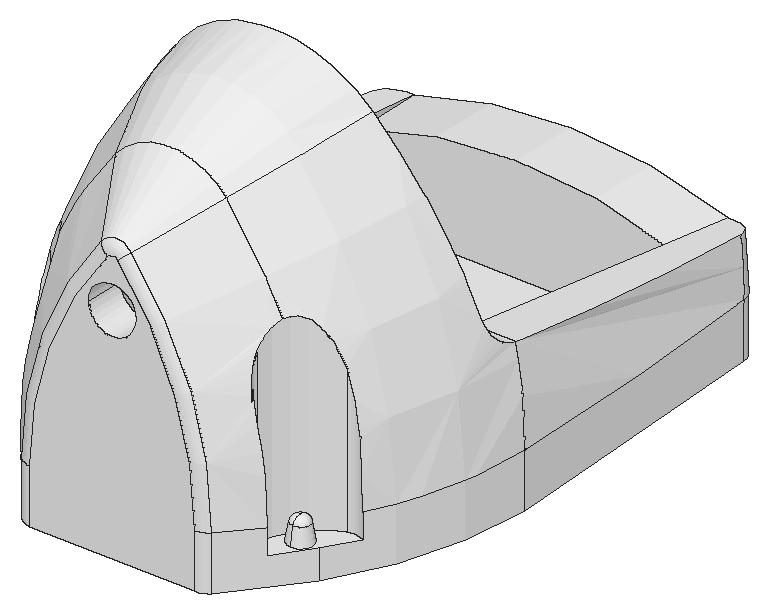
Revit family "Urinal-American_Standard-Maybrook-6581.001.020", category Plumbing Fixtures, host Face, Revit 2019
Family settings
  Host = Face
  Round Connector Dimension = Use Diameter
  Part Type = Normal
  OmniClass Number = 23.45.05.21.11.21
  OmniClass Title = Urinals
  Cut with Voids When Loaded = No
  Shared = Yes
  Room Calculation Point = No
Parameters (values of type "6581.001.020")
  Width = 12 3/4"  # constant formula
  Waste Connection Radius = 3/4"  # constant formula
  Waste Connection Height = 11 1/2"
  Waste Connection Diameter = Waste Connection Radius * 2  # 1 1/2"
  Waste Connection = yes
  WFU = 5  # constant formula
  Vent Connection = no
  URL = "http://www.americanstandard-us.com"
  Revised Date = "11/03/2023"  # constant formula
  Product Page URL = "https://www.americanstandard-us.com/Top-Spud-Urinals/Maybrook-0125---10-gpf-047---38-Lpf-Top-Spud-Urinal/WHITE-6581001020"
  Product Documentation Link = "https://lixil.cdn.celum.cloud/172647_as_us_bath_spec__6581%20(7392)_original.pdf"
  Model = "6581.001.020"
  Material = "Vitreous China-American Standard-020-White"
  Manufacturer = "American Standard"
  Length = 12 3/4"  # constant formula
  Installation Type = "Wallmount"
  Height = 18"  # constant formula
  HWFU = 0  # constant formula
  HW Connection = no
  Flush Rate = "0.125 gpf to 1.0 gpf (0.5 Lpf to 3.8 Lpf)"
  Finish = Vitreous China-American Standard-020-White
  Description = "Maybrook 0.125-1.0 gpf Universal Washout Top Spud Urinal"
  Default Elevation = 24"
  Creation Date = "05/10/2019"  # constant formula
  Cold Water Connection Width = 4 3/4"
  Cold Water Connection Radius = 3/8"  # constant formula
  Cold Water Connection Height = 11 1/2"  # constant formula
  Cold Water Connection Diameter = Cold Water Connection Radius * 2  # 3/4"
  CWFU = 5  # constant formula
  CW Connection = yes
  Assembly Code = "D2010210"
Reference planes
  plane 1 "Center (Front/Back)": y = 0
  plane 2: z = 0
  plane 3 "Center (Left/Right)": x = 0
  plane 4: z = 323.85
  plane 5: z = 63.5
  plane 6: x = 120.65
  plane 7: y = 592.348
  plane 8: y = 300.248
  plane 9: y = -292.1
  plane 10: x = 161.925
  plane 11: x = -161.925
  plane 12: y = -156.952
  plane 13: z = 177.8
Forms (mm)
  Sweep 1, solid, material "Vitreous China-American Standard-020-White"
    path origin (0, 1.798, 0.009) x (-1, 0, 0) y (0, 0.000022, 1)
      loop
        line (161.925, -0.009) -> (161.925, 43.242)
        arc (161.925, 43.242) -> (140.41, 166.832) -> (78.395, 275.88) r 365.722
        arc (78.395, 275.88) -> (0, 312.852) -> (-78.395, 275.88) r 101.6
        arc (-78.395, 275.88) -> (-140.41, 166.832) -> (-161.925, 43.242) r 365.722
        line (-161.925, 43.242) -> (-161.925, -0.009)
    profile origin (-161.925, 1.798, 21.626) x (1, 0, 0) y (0, 1, -0.000022)
      loop
        line (33.821, 30.459) -> (33.821, 298.45) -> (28.178, 298.45)
        arc (28.178, 298.45) -> (17.42, 294.31) -> (12.212, 284.026) r 16.048
        arc (12.212, 284.026) -> (3.226, 167.157) -> (0.014, 49.988) r 2376.675
        arc (0.014, 49.988) -> (11.148, -28.267) -> (44.065, -100.13) r 275.229
        arc (44.065, -100.13) -> (63.89, -128.101) -> (86.043, -154.268) r 399.092
        arc (86.043, -154.268) -> (90.706, -157.59) -> (96.31, -158.763) r 13.973
        line (96.31, -158.763) -> (100.443, -158.763) -> (100.443, -127.635) -> (99.526, -127.635)
        arc (99.526, -127.635) -> (98.911, -127.505) -> (98.402, -127.138) r 1.52
        arc (98.402, -127.138) -> (75.109, -97.661) -> (56.158, -65.221) r 268.498
        arc (56.158, -65.221) -> (39.48, -18.667) -> (33.821, 30.459) r 216.094
  Revolve 2, solid, material "Vitreous China-American Standard-020-White"
    sketch origin (0, 0, 0) x (0, 1, 0) y (0, 0, 1)
      loop
        line (300.249, 73.025) -> (325.754, 73.025) -> (325.754, 79.518) -> (315.782, 79.518) -> (315.782, 82.286) -> (306.599, 82.286) -> (306.599, 88.636) -> (300.249, 88.636) -> (300.249, 73.025)
      axis (300.249, 63.5) -> (325.754, 63.5)
    angle from 0 to 360
  Extrusion 3, solid, not visible
    sketch origin (0, 0, 0) x (1, 0, 0) y (0, 1, 0)
      loop
        circle (120.65, 592.348) r 9.525
      loop
        circle (0, -292.1) r 19.05
    from 0 to 0.397
  Extrusion 4, void
    sketch origin (0, 0, 0) x (0, 1, 0) y (0, 0, 1)
      loop
        line (321.492, 84.24) -> (321.492, 356.67) -> (-3.743, 356.67) -> (26.116, 144.217)
        arc (26.116, 144.217) -> (35.303, 125.99) -> (53.687, 117.123) r 31.75
        line (53.687, 117.123) -> (321.492, 84.24)
    from -228.487 to 226.758
  Extrusion 5, solid, material "Vitreous China-American Standard-020-White"
    sketch origin (0, 0, 0) x (1, 0, 0) y (0, 0, 1)
      loop
        line (130.906, 0) -> (130.906, 38.397) -> (128.104, 38.397) -> (128.104, 36.947)
        arc (128.104, 36.947) -> (127.671, 33.66) -> (126.402, 30.597) r 12.7
        line (126.402, 30.597) -> (125.178, 28.477)
        arc (125.178, 28.477) -> (121.466, 24.765) -> (116.396, 23.407) r 10.14
        line (116.396, 23.407) -> (-116.396, 23.407)
        arc (-116.396, 23.407) -> (-121.466, 24.765) -> (-125.178, 28.477) r 10.14
        line (-125.178, 28.477) -> (-126.402, 30.597)
        arc (-126.402, 30.597) -> (-127.671, 33.66) -> (-128.104, 36.947) r 12.7
        line (-128.104, 36.947) -> (-128.104, 38.397) -> (-130.906, 38.397) -> (-130.906, 0) -> (130.906, 0)
    from -300.249 to 125.837
  Extrusion 6, void
    sketch origin (0, 0, 0) x (1, 0, 0) y (0, 1, 0)
      loop
        arc (-117.86, -98.332) -> (-124.648, -87.262) -> (-130.906, -75.884) r 275.229
        line (-130.906, -75.884) -> (-130.906, -125.837) -> (-98.396, -125.837)
        arc (-98.396, -125.837) -> (-108.418, -112.29) -> (-117.86, -98.332) r 399.092
      loop
        line (98.395, -125.837) -> (130.906, -125.837) -> (130.906, -75.883)
        arc (130.906, -75.883) -> (124.648, -87.261) -> (117.86, -98.331) r 275.229
        arc (117.86, -98.331) -> (108.418, -112.289) -> (98.395, -125.837) r 399.092
    from 0 to 38.397
  Extrusion 7, solid, material "Vitreous China-American Standard-020-White"
    sketch origin (0, 0, 0) x (1, 0, 0) y (0, 0, 1)
      loop
        arc (0.893, 211.997) -> (0, 212.418) -> (-0.893, 211.997) r 1.157
        arc (-0.893, 211.997) -> (-45.876, 132.898) -> (-61.482, 43.251) r 265.28
        line (-61.482, 43.251) -> (-61.482, 0) -> (61.482, 0) -> (61.482, 43.251)
        arc (61.482, 43.251) -> (45.876, 132.898) -> (0.893, 211.997) r 265.28
    from 125.832 to 156.965
  Extrusion 8, void
    sketch origin (0, 0, 0) x (1, 0, 0) y (0, 0, 1)
      loop
        circle (0, 177.8) r 19.05
    from 56.684 to 227.57
  Extrusion 9, solid, material "Vitreous China-American Standard-020-White"
    sketch origin (0, 0, 0) x (1, 0, 0) y (0, 0, 1)
      loop
        arc (125.244, 86.725) -> (0, 107.711) -> (-125.244, 86.725) r 384.224
        arc (-125.244, 86.725) -> (-127.388, 65.035) -> (-128.104, 43.251) r 331.901
        line (-128.104, 43.251) -> (-128.104, 36.947)
        arc (-128.104, 36.947) -> (-127.671, 33.66) -> (-126.402, 30.597) r 12.7
        line (-126.402, 30.597) -> (-125.178, 28.477)
        arc (-125.178, 28.477) -> (-121.466, 24.765) -> (-116.396, 23.407) r 10.14
        line (-116.396, 23.407) -> (116.396, 23.407)
        arc (116.396, 23.407) -> (121.466, 24.765) -> (125.178, 28.477) r 10.14
        line (125.178, 28.477) -> (126.402, 30.597)
        arc (126.402, 30.597) -> (127.671, 33.66) -> (128.104, 36.947) r 12.7
        line (128.104, 36.947) -> (128.104, 43.251)
        arc (128.104, 43.251) -> (127.388, 65.035) -> (125.244, 86.725) r 331.901
    from -300.249 to -246.274
  Extrusion 10, void
    sketch origin (0, 0, 0) x (1, 0, 0) y (0, 1, 0)
      loop
        arc (-118.517, -71.584) -> (-132.467, -73.072) -> (-139.048, -85.463) r 14.957
        line (-139.048, -85.463) -> (-139.048, -125.751) -> (-90.332, -125.751)
        arc (-90.332, -125.751) -> (-84.386, -123.013) -> (-82.601, -116.715) r 7.825
        arc (-82.601, -116.715) -> (-94.595, -89.403) -> (-118.517, -71.584) r 58.372
      loop
        arc (118.517, -71.584) -> (94.595, -89.403) -> (82.601, -116.715) r 58.372
        arc (82.601, -116.715) -> (84.386, -123.013) -> (90.332, -125.751) r 7.825
        line (90.332, -125.751) -> (139.048, -125.751) -> (139.048, -85.463)
        arc (139.048, -85.463) -> (132.467, -73.072) -> (118.517, -71.584) r 14.957
    from 23.407 to 338.163
  Revolve 11, solid, material "Vitreous China-American Standard-020-White"
    sketch origin (-103.187, 0, 0) x (0, 1, 0) y (0, 0, 1)
      loop
        line (-98.332, 23.407) -> (-88.623, 23.407) -> (-91.056, 37.209)
        arc (-91.056, 37.209) -> (-93.228, 40.971) -> (-97.31, 42.457) r 6.35
        line (-97.31, 42.457) -> (-98.332, 42.457) -> (-98.332, 23.407)
      axis (-98.332, 23.407) -> (-98.332, 42.457)
    angle from 0 to 360
  Revolve 12, solid, material "Vitreous China-American Standard-020-White"
    sketch origin (103.188, 0, 0) x (0, 1, 0) y (0, 0, -1)
      loop
        line (-98.332, -23.407) -> (-98.332, -42.457) -> (-97.31, -42.457)
        arc (-97.31, -42.457) -> (-93.228, -40.971) -> (-91.056, -37.209) r 6.35
        line (-91.056, -37.209) -> (-88.623, -23.407) -> (-98.332, -23.407)
      axis (-98.332, -23.407) -> (-98.332, -42.457)
    angle from 0 to 360
Cuts and joins
  Extrusion 4, Extrusion 8, Extrusion 10 cuts Sweep 1
  Extrusion 8, Extrusion 10 cuts Revolve 2
  Extrusion 6, Extrusion 8, Extrusion 10 cuts Extrusion 5
  Extrusion 8, Extrusion 10 cuts Extrusion 7
  Extrusion 10 cuts Extrusion 9
  joined: Sweep 1, Revolve 2, Extrusion 5, Extrusion 7, Extrusion 9, Revolve 11, Revolve 12
Lines and regions (mm)
  Masking region 1
    outline origin (0, 0, 0) x (1, 0, 0) y (0, 0, 1)
      loop
        arc (161.912, -0.001) -> (161, 58.894) -> (154.312, 117.414) r 599.453
        arc (154.312, 117.414) -> (131.025, 183.507) -> (97.491, 245.037) r 437.79
        arc (97.491, 245.037) -> (82.397, 265.336) -> (64.972, 283.674) r 210.039
        arc (64.972, 283.674) -> (0, 309.274) -> (-64.972, 283.674) r 95.25
        arc (-64.972, 283.674) -> (-82.397, 265.336) -> (-97.491, 245.037) r 210.039
        arc (-97.491, 245.037) -> (-131.025, 183.507) -> (-154.312, 117.414) r 437.79
        arc (-154.312, 117.414) -> (-161, 58.894) -> (-161.912, -0.001) r 599.453
        line (-161.912, -0.001) -> (161.912, -0.001)
  symbolic lines, detail levels medium+fine
    curve 1: arc (-125.227, 0, 86.849) -> (0, 0, 107.711) -> (125.227, 0, 86.849) r 386.275
    curve 2: arc (125.227, 0, 86.849) -> (146.011, 0, 95.458) -> (154.621, 0, 116.243) r 29.394
    curve 3: arc (-125.227, 0, 86.849) -> (-146.011, 0, 95.458) -> (-154.621, 0, 116.243) r 29.394
    curve 4: arc (125.227, 0, 86.849) -> (116.432, 0, 130.51) -> (102.218, 0, 172.719) r 353.533
    curve 5: arc (102.218, 0, 172.719) -> (80.145, 0, 215.69) -> (50.993, 0, 254.21) r 279.073
    curve 6: arc (-125.227, 0, 86.849) -> (-116.432, 0, 130.51) -> (-102.218, 0, 172.719) r 353.533
    curve 7: arc (-102.218, 0, 172.719) -> (-80.145, 0, 215.69) -> (-50.993, 0, 254.21) r 279.073
    curve 8: arc (50.993, 0, 254.21) -> (0, 0, 276.869) -> (-50.993, 0, 254.21) r 68.709
    curve 10: circle (0, 0, 63.5) r 25.136 normal (0, -1, 0)
  symbolic lines, detail levels fine
    curve 9: circle (0, 0, 177.802) r 19.049 normal (0, -1, 0)
    curve 11: circle (0, 0, 63.5) r 9.525 normal (0, -1, 0)
    curve 12: circle (0, 0, 63.5) r 16.018 normal (0, -1, 0)
Dimensions and locks
  plane 3 "Center (Left/Right)" to plane 6 = 4 3/4"
  plane 7 to plane 8 = 11 1/2"
  aligned and locked: plane 2 to host face
  aligned and locked: level to host face
Connectors
  piping at (120.65, 592.348, 0), diameter 19.05, driven by "CWFU", driven by "Cold Water Connection Diameter"
    settings: on Extrusion 3, index 1, connector inside diameter 3/4", connector length 0", flow factor 0, pipe flow 0 GPM, pressure drop 0.00 psi, fitting loss kfactor 0, connector angle 0.00°, fixture units 5, engagement length 0", angle of deflection 0.00°, flow configuration 3, flow direction 1, fitting loss method 0, system type 20, joint type 0, gender type 0, connector reference index -1, connector utility 0, adjustable connector no, is connector primary yes, connector description "3/4\" CW Inlet"
  piping at (0, -292.1, 0), diameter 38.1, driven by "WFU", driven by "Waste Connection Diameter"
    settings: on Extrusion 3, index 2, connector inside diameter 1 1/2", connector length 0", flow factor 0, pipe flow 0 GPM, pressure drop 0.00 psi, fitting loss kfactor 0, connector angle 0.00°, fixture units 5, engagement length 0", angle of deflection 0.00°, flow configuration 3, flow direction 2, fitting loss method 0, system type 16, joint type 0, gender type 0, connector reference index -1, connector utility 0, adjustable connector yes, is connector primary no, connector description "1-1/2\" Waste Outlet"
